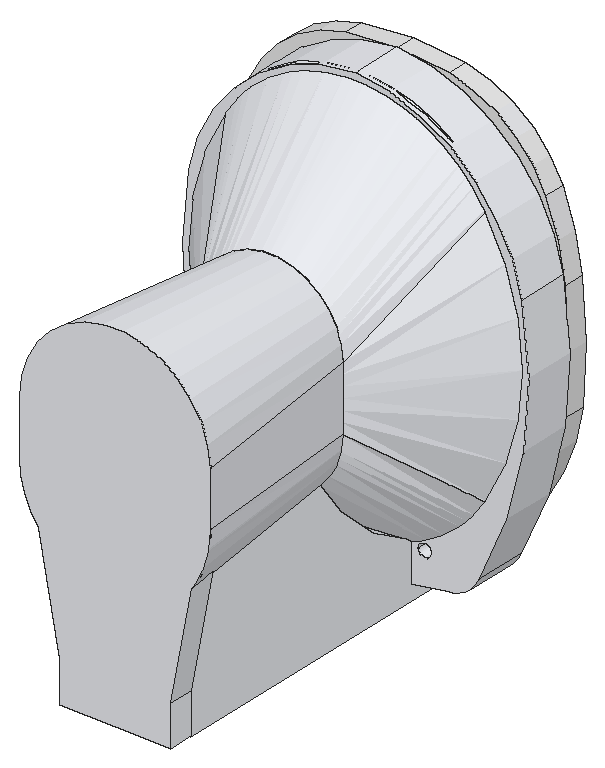
Revit family "Deca_Bacia Sanitária Convencional Aspen_P.75FFFF", category Plumbing Fixtures, host Face, Revit 2010
Parameters (values of type "P.75_Branco Gelo GE17")
  WFU = 0
  Vendido Separadamente = "Anel de vedação: (AV.90.01 ); Tubo de ligação com anel expansor: Cromado (1968.C), Branco (1968.E.BR), Bege (1968.E.BE), Dourado (1968.D). Parafuso de fixação: Cromado (SP.13.01) e Dourado (SP.130.03); Asento Compatível: Assento Plástico: Branco (AP.75.17); Caramelo (AP.75.23); Creme (AP.75.37); Azul (AP.75.51); Verde (AP.75.60); Cinza (AP.75.87); Ébano (AP.75.95). "  # constant formula
  Variações de COR = "Branco (P.75.17); Caramelo (P.75.23); Creme (P.75.37); Azul (P.75.51); Verde (P.75.60); Cinza (P.75.87); Ébano (P.75.95); Rosa (P.75.89)."  # constant formula
  URL = "www.deca.com.br/produtos"
  Segmento = "Competitivo"  # constant formula
  Raio Água Fria = 20 mm  # constant formula
  Raio Ponto de Esgoto = 50 mm  # constant formula
  Produto = "Bacia sanitária convencional Aspen"  # constant formula
  Pressão = "2 a 40 mca"  # constant formula
  Peso Liquido (Kg) = 14
  Norma = " ABNT NBR 15097-1: 2011 / ABNT NBR 15097-2: 2011"  # constant formula
  Model = Código  # "P.75.17"
  Material = "Deca_Vitreous China"  # constant formula
  Manufacturer = "Deca"  # constant formula
  Louça/Metais = "Louça"  # constant formula
  Linha = "Aspen"  # constant formula
  Informações Complementares = ""
  Flow Pressure = 0.00 psi
  Diâmetro Água Fria = Raio Água Fria * 2  # 40 mm
  Diâmetro Ponto de Esgoto = Raio Ponto de Esgoto * 2  # 100 mm
  Description = "Bacia sanitária convencional"  # constant formula
  Default Elevation = 0 mm
  Código = "P.75.17"
  Criado por = "Contino/quattroD"  # constant formula
  Consumo = "6 lpf"  # constant formula
  CWFU = 0
  Bacia = Deca GE17 Branco Gelo Cerâmica
  Atendimento ao Cliente = "0800-011-7073"  # constant formula
  Assento-Family [instance] = Deca_Shared_Assento_P.75 : AP.75_Branco Gelo GE17
  Assembly Code = "D2010110"
  Aprovado por = "Contino/quattroD"  # constant formula
  Acompanha o Produto = ""
Types (8, lengths in mm): name | Model | Código | Bacia | Assento-Family
  P.75_Branco Gelo GE17 | "P.75.17" | "P.75.17" | Deca GE17 Branco Gelo Cerâmica | Deca_Shared_Assento_P.75 : AP.75_Branco Gelo GE17
  P.75_Caramelo CA23 | "P.75.23" | "P.75.23" | Deca CA23 Caramelo Cerâmica | Deca_Shared_Assento_P.75 : AP.75_Caramelo CA23
  P.75_Creme CR37 | "P.75.37" | "P.75.37" | Deca CR37 Creme Cerâmica | Deca_Shared_Assento_P.75 : AP.75_Creme CR37
  P.75_Azul AZ.51 | "P.75.51" | "P.75.51" | Deca AZ51 Azul Cerâmica | Deca_Shared_Assento_P.75 : AP.75_Azul AZ51
  P.75_Verde Malva VD60 | "P.75.60" | "P.75.60" | Deca VD60 Verde Malva Cerâmica | Deca_Shared_Assento_P.75 : AP.75_Verde Malva VD60
  P.75_Cinza Real CZ87 | "P.75.87" | "P.75.87" | Deca CZ87 Cinza Real Cerâmica | Deca_Shared_Assento_P.75 : AP.75_Cinza Real CZ87
  P.75_Ébano EB95 | "P.75.95" | "P.75.95" | Deca EB95 Ébano Cerâmica | Deca_Shared_Assento_P.75 : AP.75_Ébano EB95
  P.75_Rosa RO89 | "P.75.89" | "P.75.89" | Deca RO89 Rosa Cerâmica | Deca_Shared_Assento_P.75 : AP.75_Rosa RO89
Reference planes
  plane 1 "Center (Front/Back)": y = 0
  plane 2: z = 0
  plane 3 "Center (Left/Right)": x = 0
  plane 4 "Top 2": y = 380
  plane 5 "Front 3": z = 585.312
  plane 6 "Front 1": z = 95
  plane 7 "Left 2": x = -187.322
  plane 8 "Right 2": x = 187.322
  plane 9 "Top 1": y = 330
  plane 10 "Front 2": z = 260
  plane 11: z = 460.96
Forms (mm)
  Extrusion 1, solid, material "Deca GE17 Branco Gelo Cerâmica" <- "Bacia", not visible
    sketch origin (0, 0, 122.514) x (1, 0, 0) y (0, 0, 1)
      loop
        circle (0, 137.486) r 50
    from 0 to -3.94
  Extrusion 2, solid, not visible
    sketch origin (0, 0, 0) x (1, 0, 0) y (0, 1, 0)
      loop
        circle (0, 330) r 19.05
    from 0 to -2.277
  Blend 3, solid, material "Deca GE17 Branco Gelo Cerâmica" <- "Bacia"
    base sketch origin (0, 0, 9.688) x (1, 0, 0) y (0, 0, 1)
      loop
        line (-102.9, 368.106) -> (-102.9, 309.398)
        arc (-102.9, 309.398) -> (1.437, 206.488) -> (102.9, 312.233) r 102.919
        line (102.9, 312.233) -> (102.9, 370.942)
        arc (102.9, 370.942) -> (-1.398, 471.016) -> (-102.9, 368.106) r 102.919
    top sketch origin (0, 0, 9.688) x (1, 0, 0) y (0, 0, 1)
      loop
        line (-78.166, 373.106) -> (-78.166, 303.148)
        arc (-78.166, 303.148) -> (0, 224.982) -> (78.166, 303.148) r 78.166
        line (78.166, 303.148) -> (78.166, 373.106)
        arc (78.166, 373.106) -> (0, 451.272) -> (-78.166, 373.106) r 78.166
    from 0 to -209.292
  Extrusion 4, solid, material "Deca GE17 Branco Gelo Cerâmica" <- "Bacia"
    sketch origin (0, 0, 9.355) x (0, 1, 0) y (0, 0, 1)
      loop
        line (26.549, 246.9) -> (26.549, 85.648) -> (380, 85.648) -> (380, 126.256)
        arc (380, 126.256) -> (273.266, 174.885) -> (194.258, 261.573) r 292.162
        line (194.258, 261.573) -> (26.549, 246.9)
    from -60.1 to 60.1
  Extrusion 5, solid, material "Deca GE17 Branco Gelo Cerâmica" <- "Bacia"
    sketch origin (0, 0, 9.688) x (1, 0, 0) y (0, 0, 1)
      loop
        line (-60.1, 130.066) -> (-60.1, 85.648) -> (0, 85.648) -> (60.1, 85.648) -> (60.1, 130.066) -> (95.498, 313.75) -> (-95.498, 313.75) -> (-60.1, 130.066)
    from 0 to -26.549
  Extrusion 6, solid, material "Deca GE17 Branco Gelo Cerâmica" <- "Bacia"
    sketch origin (0, 0, 9.688) x (1, 0, 0) y (0, 0, 1)
      loop
        arc (-135.723, 136.859) -> (-120.941, 116.647) -> (-97.286, 108.436) r 42.011
        arc (-97.286, 108.436) -> (0, 98.428) -> (97.286, 108.436) r 477.83
        arc (97.286, 108.436) -> (119.455, 115.598) -> (134.4, 133.47) r 42.011
        arc (134.4, 133.47) -> (181.609, 272.208) -> (179.737, 418.746) r 432.162
        arc (179.737, 418.746) -> (117.272, 528.772) -> (0, 576.257) r 192.498
        arc (0, 576.257) -> (-117.272, 528.772) -> (-179.737, 418.746) r 192.498
        arc (-179.737, 418.746) -> (-181.663, 274.066) -> (-135.723, 136.859) r 432.162
      loop
        spline (0, 527.292) -> (-33.204, 521.769) -> (-64.145, 505.574) -> (-90.715, 479.812) -> (-111.103, 446.239) -> (-123.919, 407.142) -> (-128.29, 365.186) -> (-123.919, 323.229) -> (-111.103, 284.132) -> (-90.715, 250.559) -> (-64.145, 224.797) -> (-33.204, 208.603) -> (0, 203.079)
        spline (0, 203.079) -> (33.631, 208.603) -> (64.971, 224.797) -> (91.882, 250.559) -> (112.532, 284.132) -> (125.513, 323.229) -> (129.941, 365.186) -> (125.513, 407.142) -> (112.532, 446.239) -> (91.882, 479.812) -> (64.971, 505.574) -> (33.631, 521.769) -> (0, 527.292)
      loop
        circle (75.141, 140.174) r 7.25
      loop
        circle (-74.859, 140.174) r 7.25
    from -380 to -324.096
  Blend 7, solid, material "Deca GE17 Branco Gelo Cerâmica" <- "Bacia"
    base sketch origin (0, 0, 0) x (1, 0, 0) y (0, 0, 1)
      loop
        line (-78.166, 382.794) -> (-78.166, 312.835)
        arc (-78.166, 312.835) -> (0, 234.669) -> (78.166, 312.835) r 78.166
        line (78.166, 312.835) -> (78.166, 382.794)
        arc (78.166, 382.794) -> (0, 460.96) -> (-78.166, 382.794) r 78.166
    top sketch origin (0, 0, 0) x (1, 0, 0) y (0, 0, 1)
      loop
        arc (142.904, 215.402) -> (185.168, 360.402) -> (142.904, 505.402) r 269.865
        arc (142.904, 505.402) -> (0, 584.668) -> (-142.904, 505.402) r 168.449
        arc (-142.904, 505.402) -> (-185.168, 360.402) -> (-142.904, 215.402) r 269.865
        arc (-142.904, 215.402) -> (0, 137.003) -> (142.904, 215.402) r 169.44
    from -209.292 to -330
Cuts and joins
  joined: Extrusion 4, Extrusion 6
  joined: Blend 3, Extrusion 5
Lines and regions (mm)
  Masking region 1
    outline origin (0, 698.125, 29.062) x (0, 1, 0) y (0, 0, 1)
      loop
        arc (-698.077, 70.695) -> (-696.824, 67.669) -> (-693.798, 66.416) r 4.279
        line (-693.798, 66.416) -> (-517.933, 78.713)
        arc (-517.933, 78.713) -> (-492.289, 85.126) -> (-469.862, 99.118) r 84.853
        line (-469.862, 99.118) -> (-409.257, 99.118)
        arc (-409.257, 99.118) -> (-406.927, 98.153) -> (-405.962, 95.824) r 3.294
        line (-405.962, 95.824) -> (-405.962, 89.602)
        arc (-405.962, 89.602) -> (-405.386, 88.211) -> (-403.994, 87.634) r 1.968
        line (-403.994, 87.634) -> (-340.026, 87.634)
        arc (-340.026, 87.634) -> (-338.284, 87.121) -> (-336.771, 86.117) r 6.081
        line (-336.771, 86.117) -> (-322.99, 86.117)
        arc (-322.99, 86.117) -> (-319.913, 87.088) -> (-318.131, 89.778) r 4.839
        line (-318.131, 89.778) -> (-318.131, 549.778)
        arc (-318.131, 549.778) -> (-320.768, 554.345) -> (-325.783, 555.975) r 7.358
        line (-325.783, 555.975) -> (-370.722, 553.62)
        arc (-370.722, 553.62) -> (-372.632, 552.828) -> (-373.423, 550.918) r 2.702
        arc (-373.423, 550.918) -> (-374.312, 546.579) -> (-376.752, 542.882) r 11.683
        arc (-376.752, 542.882) -> (-381.008, 540.256) -> (-385.364, 537.801) r 126.449
        arc (-385.364, 537.801) -> (-434.828, 499.473) -> (-473.155, 450.01) r 248.621
        arc (-473.155, 450.01) -> (-507.743, 422.743) -> (-551.383, 416.804) r 83.721
        line (-551.383, 416.804) -> (-693.555, 435.521)
        arc (-693.555, 435.521) -> (-696.714, 434.563) -> (-698.077, 431.555) r 4
        line (-698.077, 431.555) -> (-698.077, 426.099) -> (-698.077, 70.695)
  Masking region 2
    outline origin (0, 330, 0) x (-1, 0, 0) y (0, 0, 1)
      loop
        arc (-52.917, 98.745) -> (2.813, 95) -> (58.52, 99.073) r 399.03
        arc (58.52, 99.073) -> (73.126, 104.936) -> (83.406, 116.853) r 33.29
        line (83.406, 116.853) -> (93.793, 117.397)
        arc (93.793, 117.397) -> (108.488, 120.089) -> (121.651, 127.154) r 48.157
        arc (121.651, 127.154) -> (130.165, 135.495) -> (136.357, 145.68) r 47.923
        arc (136.357, 145.68) -> (138.14, 149.693) -> (139.895, 153.718) r 625.61
        arc (139.895, 153.718) -> (160.514, 205.925) -> (175.569, 260) r 536.733
        arc (175.569, 260) -> (182.492, 302.068) -> (184.66, 344.648) r 380.107
        arc (184.66, 344.648) -> (181.081, 422.921) -> (160.297, 498.47) r 352.452
        arc (160.297, 498.47) -> (118.464, 552.509) -> (56.014, 580.264) r 139.805
        arc (56.014, 580.264) -> (0, 585.073) -> (-56.014, 580.264) r 328.601
        arc (-56.014, 580.264) -> (-118.464, 552.509) -> (-160.297, 498.47) r 139.805
        arc (-160.297, 498.47) -> (-181.081, 422.921) -> (-184.66, 344.648) r 352.452
        arc (-184.66, 344.648) -> (-182.492, 302.068) -> (-175.569, 260) r 380.107
        arc (-175.569, 260) -> (-160.514, 205.925) -> (-139.895, 153.718) r 536.733
        arc (-139.895, 153.718) -> (-138.14, 149.693) -> (-136.357, 145.68) r 625.61
        arc (-136.357, 145.68) -> (-130.165, 135.495) -> (-121.651, 127.154) r 47.923
        arc (-121.651, 127.154) -> (-109.708, 120.534) -> (-96.386, 117.533) r 48.157
        line (-96.386, 117.533) -> (-83.437, 116.855)
        arc (-83.437, 116.855) -> (-70.792, 103.394) -> (-52.917, 98.745) r 33.29
  Masking region 3
    outline origin (0, 0, 95) x (-1, 0, 0) y (0, -1, 0)
      loop
        arc (180.403, -379.992) -> (185.341, -377.947) -> (187.386, -373.009) r 6.983
        line (187.386, -373.009) -> (185.031, -328.07)
        arc (185.031, -328.07) -> (183.972, -325.512) -> (181.413, -324.453) r 3.618
        arc (181.413, -324.453) -> (176.58, -323.248) -> (172.878, -319.915) r 10.295
        arc (172.878, -319.915) -> (141.079, -276.274) -> (103.623, -237.38) r 394.897
        arc (103.623, -237.38) -> (76.181, -193.327) -> (76.109, -141.427) r 94.606
        line (76.109, -141.427) -> (94.189, -4.349)
        arc (94.189, -4.349) -> (93.186, -1.212) -> (90.126, 0.008) r 3.86
        line (90.126, 0.008) -> (0.126, 0.008) -> (-90.783, 0.008)
        arc (-90.783, 0.008) -> (-93.843, -1.212) -> (-94.847, -4.349) r 3.86
        line (-94.847, -4.349) -> (-76.766, -141.427)
        arc (-76.766, -141.427) -> (-76.839, -193.327) -> (-104.28, -237.38) r 94.606
        arc (-104.28, -237.38) -> (-142.565, -277.266) -> (-174.904, -322.108) r 394.897
        arc (-174.904, -322.108) -> (-177.971, -323.849) -> (-181.446, -324.453) r 10.295
        arc (-181.446, -324.453) -> (-184.004, -325.512) -> (-185.063, -328.07) r 3.618
        line (-185.063, -328.07) -> (-187.418, -373.009)
        arc (-187.418, -373.009) -> (-185.373, -377.947) -> (-180.435, -379.992) r 6.983
        line (-180.435, -379.992) -> (-0.329, -379.992) -> (180.403, -379.992)
  symbolic lines
    curve 1: arc (0, 372.342, 585.037) -> (0, 371.402, 563.209) -> (0, 370.95, 541.365) r 978.39
    curve 2: line (0, 370.95, 541.365) -> (0, 370.95, 300.179)
    curve 3: line (0, 370.95, 300.179) -> (0, 367.088, 300.179)
    curve 4: arc (0, 367.088, 300.179) -> (0, 364.251, 286.49) -> (0, 363.205, 272.549) r 108.118
    curve 5: arc (0, 363.205, 272.549) -> (0, 361.708, 195.546) -> (0, 358.793, 118.584) r 4181.968
    curve 6: arc (0, 358.793, 118.584) -> (0, 359.41, 117.094) -> (0, 360.9, 116.477) r 2.107
    curve 7: line (0, 360.9, 116.477) -> (0, 359.085, 116.477)
    curve 8: line (0, 367.088, 300.179) -> (0, 362.791, 115.179)
    curve 9: line (0, 324.702, 579.98) -> (0, 324.702, 304.98)
    curve 10: arc (0, 171.476, 304.037) -> (0, 231.251, 255.986) -> (0, 287.555, 203.912) r 1107.005
    curve 11: arc (0, 287.555, 203.912) -> (0, 292.077, 196.423) -> (0, 292.516, 187.685) r 17.925
    curve 12: line (0, 292.516, 187.685) -> (0, 290.79, 154.741)
    curve 13: line (0, 290.79, 154.741) -> (0, 250.416, 154.741)
    curve 14: arc (0, 250.416, 154.741) -> (0, 254.508, 201.888) -> (0, 231.593, 243.295) r 81.113
    curve 15: line (0, 231.593, 243.295) -> (0, 152.296, 312.227)
    curve 16: arc (0, 171.476, 304.037) -> (0, 162.378, 309.282) -> (0, 152.296, 312.227) r 44.073
    curve 17: arc (0, 181.637, 191.886) -> (0, 183.209, 181.926) -> (0, 173.798, 178.308) r 8.016
    curve 18: arc (0, 173.798, 178.308) -> (0, 164.138, 178.765) -> (0, 154.904, 181.639) r 38.116
    curve 19: arc (0, 154.904, 181.639) -> (0, 113.424, 211.451) -> (0, 75.64, 245.826) r 444.312
    curve 20: arc (0, 75.64, 245.826) -> (0, 55.553, 277.632) -> (0, 44.1, 313.464) r 148.557
    curve 21: arc (0, 44.1, 313.464) -> (0, 43.627, 314.607) -> (0, 42.484, 315.08) r 1.616
    curve 22: arc (0, 42.484, 315.08) -> (0, 36.405, 316.035) -> (0, 30.252, 316.15) r 44.903
    curve 23: arc (0, 30.252, 316.15) -> (0, 28, 314.795) -> (0, 26.972, 312.377) r 4.262
    curve 24: arc (0, 181.637, 191.886) -> (0, 136.766, 228.486) -> (0, 94.527, 268.093) r 839
    curve 25: arc (0, 94.527, 268.093) -> (0, 87.809, 275.34) -> (0, 81.622, 283.045) r 139.237
    curve 26: arc (0, 81.622, 283.045) -> (0, 72.4, 299.613) -> (0, 67.861, 318.024) r 71.428
    curve 27: line (0, 26.325, 194.532) -> (0, 26.325, 126.218)
    curve 28: line (0, 56.697, 102.998) -> (0, 41.88, 103.775)
    curve 29: arc (0, 41.88, 103.775) -> (0, 34.748, 106.409) -> (0, 30.365, 112.622) r 12.807
    curve 30: arc (0, 30.365, 112.622) -> (0, 27.71, 119.231) -> (0, 26.325, 126.218) r 38.268
    curve 31: arc (0, 26.325, 194.532) -> (0, 25.59, 195.55) -> (0, 25.283, 196.766) r 3.335
    curve 32: line (0, 25.283, 196.766) -> (0, 25.283, 330.075)
    curve 33: arc (-24.509, 0, 114.026) -> (-0.005, 0, 107.384) -> (24.499, 0, 114.025) r 48.521
    curve 34: line (-178.49, 324.029, 0) -> (179.407, 324.029, 0)
    curve 35: arc (-40.868, 145.397, 0) -> (-3.368, 142.849, 0) -> (34.132, 145.397, 0) r 277.27
    curve 36: arc (83.49, 0, 116.958) -> (0.015, 0, 113.749) -> (-83.46, 0, 116.958) r 1087.311
Dimensions and locks
  plane 4 "Top 2" to plane 1 "Center (Front/Back)" = 380 mm
  plane 5 "Front 3" to plane 2 = 585.313 mm
  plane 1 "Center (Front/Back)" to plane 4 "Top 2" = 380 mm
  plane 5 "Front 3" to plane 6 "Front 1" to host face = 490.313 mm, 95 mm  (x2)
  plane 5 "Front 3" to host face = 585.312 mm
  plane 7 "Left 2" to plane 8 "Right 2" = 374.644 mm  (x2)
  aligned and locked: host face to plane 2
  aligned and locked: level to host face
Nested families
  nested 1: "Deca_Shared_Assento_P.75" at (0.156, 380, 148.309), type <- "Assento-Family", type "AP.75_Branco Gelo GE17"
Connectors
  piping at (0, 0, 260), driven by "Raio Ponto de Esgoto", driven by "WFU"
    settings: on Extrusion 1, index 1, connector radius 1.9685", flow factor 0, pipe flow 0 GPM, pressure drop 0.00 psi, fitting loss kfactor 0, connector angle 0.00°, fixture units 0, engagement length 0 mm, flow configuration 3, flow direction 2, fitting loss method 0, system type 16, joint type 0, gender type 0, connector reference index -1, connector utility 0, adjustable connector no, is connector primary yes, fitting loss table "", connector description ""
  piping at (0, 330, 0), driven by "Raio Água Fria", driven by "Flow Pressure", driven by "CWFU"
    settings: on Extrusion 2, index 2, connector radius 0.7874", flow factor 0, pipe flow 0 GPM, pressure drop 0.00 psi, fitting loss kfactor 0, connector angle 0.00°, fixture units 0, engagement length 0 mm, flow configuration 3, flow direction 1, fitting loss method 4, system type 20, joint type 0, gender type 0, connector reference index -1, connector utility 0, adjustable connector no, is connector primary no, fitting loss table "", connector description ""
Definition of nested family "Deca_Shared_Assento_P.75"
  Parameters (values of type "AP.75_Branco Gelo GE17")
    Não Assento = no
    Criado por = "Contino/quattroD"  # constant formula
    Assento 3D = yes
    Aprovado por = "Contino/quattroD"  # constant formula
    Acompanha o Produto = ""
    AP.75 = yes
    Vendido Separadamente = ""
    Variações de COR = "Branco (AP.75.17), Caramelo (AP.75.23), Creme (AP.75.37), Azul (AP.75.51), Verde (AP.75.60), Cinza (AP.75.87), Ébano (AP.75.95), Rosa (AP.75.89."
    URL = "www.deca.com.br/produtos"
    Segmento = "Competitivo"
    Produto = "Assento Plástico para Bacia Aspen com Microban"
    Peso Liquido (Kg) = 1.12
    Norma = "Não se Aplica"
    Model = "AP.75.17"
    Material = "Deca_Polipropileno"
    Manufacturer = "Deca"
    Louça/Metais = "Louça"
    Linha = "Aspen"
    Informações Complementares = ""
    Description = "Assento Plástico para Bacia Aspen com Microban"
    Código = "AP.75.17"
    Atendimento ao Cliente = "0800-0117073"
    Assento = Deca GE17 Branco Gelo Plástico
    Assembly Code = "D2010110"
  Types (9, lengths in mm): name | Não Assento | Assento 3D | AP.75 | Variações de COR | URL | Segmento | Produto | Peso Liquido (Kg) | Norma | Model | Material | Manufacturer | Louça/Metais | Linha | Description | Código | Atendimento ao Cliente | Assento | Assembly Code
    AP.75_Branco Gelo GE17 | no | yes | yes | "Branco (AP.75.17), Caramelo (AP.75.23), Creme (AP.75.37), Azul (AP.75.51), Verde (AP.75.60), Cinza (AP.75.87), Ébano (AP.75.95), Rosa (AP.75.89." | "www.deca.com.br/produtos" | "Competitivo" | "Assento Plástico para Bacia Aspen com Microban" | 1.12 | "Não se Aplica" | "AP.75.17" | "Deca_Polipropileno" | "Deca" | "Louça" | "Aspen" | "Assento Plástico para Bacia Aspen com Microban" | "AP.75.17" | "0800-0117073" | Deca GE17 Branco Gelo Plástico | "D2010110"
    AP.75_Caramelo CA23 | no | yes | yes | "Branco (AP.75.17), Caramelo (AP.75.23), Creme (AP.75.37), Azul (AP.75.51), Verde (AP.75.60), Cinza (AP.75.87), Ébano (AP.75.95), Rosa (AP.75.89." | "www.deca.com.br/produtos" | "Competitivo" | "Assento Plástico para Bacia Aspen com Microban" | 1.12 | "Não se Aplica" | "AP.75.23" | "Deca_Polipropileno" | "Deca" | "Louça" | "Aspen" | "Assento Plástico para Bacia Aspen com Microban" | "AP.75.23" | "0800-0117073" | Deca CA23 Caramelo Plástico | "D2010110"
    AP.75_Creme CR37 | no | yes | yes | "Branco (AP.75.17), Caramelo (AP.75.23), Creme (AP.75.37), Azul (AP.75.51), Verde (AP.75.60), Cinza (AP.75.87), Ébano (AP.75.95), Rosa (AP.75.89." | "www.deca.com.br/produtos" | "Competitivo" | "Assento Plástico para Bacia Aspen com Microban" | 1.12 | "Não se Aplica" | "AP.75.37" | "Deca_Polipropileno" | "Deca" | "Louça" | "Aspen" | "Assento Plástico para Bacia Aspen com Microban" | "AP.75.37" | "0800-0117073" | Deca CR37 Creme Plástico | "D2010110"
    AP.75_Azul AZ51 | no | yes | yes | "Branco (AP.75.17), Caramelo (AP.75.23), Creme (AP.75.37), Azul (AP.75.51), Verde (AP.75.60), Cinza (AP.75.87), Ébano (AP.75.95), Rosa (AP.75.89." | "www.deca.com.br/produtos" | "Competitivo" | "Assento Plástico para Bacia Aspen com Microban" | 1.12 | "Não se Aplica" | "AP.75" | "Deca_Polipropileno" | "Deca" | "Louça" | "Aspen" | "Assento Plástico para Bacia Aspen com Microban" | "AP.75.51" | "0800-0117073" | Deca AZ51 Azul Plástico | "D2010110"
    AP.75_Verde Malva VD60 | no | yes | yes | "Branco (AP.75.17), Caramelo (AP.75.23), Creme (AP.75.37), Azul (AP.75.51), Verde (AP.75.60), Cinza (AP.75.87), Ébano (AP.75.95), Rosa (AP.75.89." | "www.deca.com.br/produtos" | "Competitivo" | "Assento Plástico para Bacia Aspen com Microban" | 1.12 | "Não se Aplica" | "AP.75.60" | "Deca_Polipropileno" | "Deca" | "Louça" | "Aspen" | "Assento Plástico para Bacia Aspen com Microban" | "AP.75.60" | "0800-0117073" | Deca VD60 Verde Malva Plástico | "D2010110"
    AP.75_Ébano EB95 | no | yes | yes | "Branco (AP.75.17), Caramelo (AP.75.23), Creme (AP.75.37), Azul (AP.75.51), Verde (AP.75.60), Cinza (AP.75.87), Ébano (AP.75.95), Rosa (AP.75.89." | "www.deca.com.br/produtos" | "Competitivo" | "Assento Plástico para Bacia Aspen com Microban" | 1.12 | "Não se Aplica" | "AP.75.95" | "Deca_Polipropileno" | "Deca" | "Louça" | "Aspen" | "Assento Plástico para Bacia Aspen com Microban" | "AP.75.95" | "0800-0117073" | Deca EB95 Ébano Plástico | "D2010110"
    AP.75_Rosa RO89 | no | yes | yes | "Branco (AP.75.17), Caramelo (AP.75.23), Creme (AP.75.37), Azul (AP.75.51), Verde (AP.75.60), Cinza (AP.75.87), Ébano (AP.75.95), Rosa (AP.75.89." | "www.deca.com.br/produtos" | "Competitivo" | "Assento Plástico para Bacia Aspen com Microban" | 1.12 | "Não se Aplica" | "AP.75.89" | "Deca_Polipropileno" | "Deca" | "Louça" | "Aspen" | "Assento Plástico para Bacia Aspen com Microban" | "AP.75.89" | "0800-0117073" | Deca RO89 Rosa Plástico | "D2010110"
    Não Assento | yes | no | no | "" | "" | "" | "" | 0 | "" | "" | "" | "" | "" | "" | "" | "" | "" | Deca GE17 Branco Gelo Plástico | ""
    AP.75_Cinza Real CZ87 | no | yes | yes | "Branco (AP.75.17), Caramelo (AP.75.23), Creme (AP.75.37), Azul (AP.75.51), Verde (AP.75.60), Cinza (AP.75.87), Ébano (AP.75.95), Rosa (AP.75.89." | "www.deca.com.br/produtos" | "Competitivo" | "Assento Plástico para Bacia Aspen com Microban" | 1.12 | "Não se Aplica" | "AP.75.87" | "Deca_Polipropileno" | "Deca" | "Louça" | "Aspen" | "Assento Plástico para Bacia Aspen com Microban" | "AP.75.87" | "0800-0117073" | Deca CZ87 Cinza Real Plástico | "D2010110"
  Reference planes
    plane 1 "Center (Front/Back)": y = 0
    plane 2: z = 0
    plane 3 "Center (Left/Right)": x = 0
  Forms (mm)
    Extrusion 1, solid, material "Deca GE17 Branco Gelo Plástico" <- "Assento", visible <- "Assento 3D"
      sketch origin (0, 0, 0) x (1, 0, 0) y (0, 0, 1)
        loop
          arc (0, 436.985) -> (-28.23, 435.561) -> (-56.253, 431.861) r 349.806
          arc (-56.253, 431.861) -> (-118.628, 404.09) -> (-160.412, 350.09) r 139.805
          arc (-160.412, 350.09) -> (-174.182, 310.733) -> (-181.892, 269.755) r 277.171
          arc (-181.892, 269.755) -> (-185.468, 206.276) -> (-182.124, 142.783) r 584.258
          arc (-182.124, 142.783) -> (-162.46, 73.809) -> (-120.903, 15.352) r 211.806
          arc (-120.903, 15.352) -> (-104.525, 2.57) -> (-85.579, -5.955) r 86.806
          line (-85.579, -5.955) -> (85.579, -5.955)
          arc (85.579, -5.955) -> (104.525, 2.57) -> (120.903, 15.352) r 86.806
          arc (120.903, 15.352) -> (162.46, 73.809) -> (182.124, 142.783) r 211.806
          arc (182.124, 142.783) -> (185.468, 206.276) -> (181.892, 269.755) r 584.258
          arc (181.892, 269.755) -> (174.182, 310.733) -> (160.412, 350.09) r 277.171
          arc (160.412, 350.09) -> (118.628, 404.09) -> (56.253, 431.861) r 139.805
          arc (56.253, 431.861) -> (28.23, 435.561) -> (0, 436.985) r 349.806
      from -0.917 to -22.92
  Lines and regions (mm)
    Masking region 1, visible <- "AP.75"
      outline origin (0, 50.187, 0) x (1, 0, 0) y (0, 0, 1)
        loop
          arc (-182.124, 142.783) -> (-162.46, 73.809) -> (-120.903, 15.352) r 211.806
          arc (-120.903, 15.352) -> (-106.43, 3.753) -> (-89.823, -4.507) r 86.806
          arc (-89.823, -4.507) -> (-88.34, -4.9) -> (-86.847, -5.249) r 53.43
          arc (-86.847, -5.249) -> (-75.894, -12.5) -> (-64.506, -5.955) r 12.5
          line (-64.506, -5.955) -> (64.506, -5.955)
          arc (64.506, -5.955) -> (75.894, -12.5) -> (86.847, -5.249) r 12.5
          arc (86.847, -5.249) -> (88.34, -4.9) -> (89.823, -4.507) r 53.43
          arc (89.823, -4.507) -> (106.43, 3.753) -> (120.903, 15.353) r 86.806
          arc (120.903, 15.353) -> (162.46, 73.809) -> (182.124, 142.783) r 211.806
          arc (182.124, 142.783) -> (185.468, 206.276) -> (181.892, 269.755) r 584.258
          arc (181.892, 269.755) -> (174.182, 310.733) -> (160.412, 350.09) r 277.171
          arc (160.412, 350.09) -> (118.628, 404.09) -> (56.253, 431.861) r 139.805
          arc (56.253, 431.861) -> (28.23, 435.561) -> (0, 436.985) r 349.806
          arc (0, 436.985) -> (-28.23, 435.561) -> (-56.253, 431.861) r 349.806
          arc (-56.253, 431.861) -> (-118.628, 404.09) -> (-160.412, 350.09) r 139.805
          arc (-160.412, 350.09) -> (-174.182, 310.733) -> (-181.892, 269.755) r 277.171
          arc (-181.892, 269.755) -> (-185.468, 206.276) -> (-182.124, 142.783) r 584.258
    Masking region 2, visible <- "AP.75"
      outline origin (185.468, 0, 0) x (0, 0, -1) y (0, -1, 0)
        loop
          line (12.5, 0) -> (-12.5, 0) -> (-12.5, -0.917) -> (-437.006, -0.917) -> (-436.598, -7.575)
          arc (-436.598, -7.575) -> (-434.081, -14.982) -> (-428.176, -20.114) r 15.001
          arc (-428.176, -20.114) -> (-415.577, -22.852) -> (-402.699, -23.472) r 77.783
          arc (-402.699, -23.472) -> (-413.962, -24.067) -> (-425.195, -25.064) r 315.341
          arc (-425.195, -25.064) -> (-423.778, -30.133) -> (-419.231, -32.782) r 7
          arc (-419.231, -32.782) -> (-213.52, -49.546) -> (-7.295, -41.257) r 1700
          arc (-7.295, -41.257) -> (-2.807, -38.987) -> (-1, -34.293) r 7
          line (-1, -34.293) -> (-1, -31.537)
          arc (-1, -31.537) -> (0.463, -28.178) -> (1.763, -24.752) r 76.149
          arc (1.763, -24.752) -> (4.602, -20.697) -> (5.967, -15.939) r 15.001
          line (5.967, -15.939) -> (5.589, -7.809) -> (5.113, -4.384)
          arc (5.113, -4.384) -> (8.967, -3.044) -> (12.5, -1) r 21.531
          line (12.5, -1) -> (12.5, 0)
    Masking region 3, visible <- "AP.75"
      outline origin (0, 0, 437.006) x (0, -1, 0) y (1, 0, 0)
        loop
          line (-0.9, -185.506) -> (-0.9, 185.506) -> (-11.232, 184.787)
          arc (-11.232, 184.787) -> (-18.725, 182.204) -> (-23.856, 176.163) r 15
          line (-23.856, 176.163) -> (-29.292, 176.163)
          arc (-29.292, 176.163) -> (-34.161, 174.275) -> (-36.484, 169.598) r 7.222
          arc (-36.484, 169.598) -> (-43.305, 114.917) -> (-48.115, 60.023) r 1500.329
          arc (-48.115, 60.023) -> (-50.187, 0) -> (-48.115, -60.023) r 870.329
          arc (-48.115, -60.023) -> (-43.305, -114.917) -> (-36.484, -169.598) r 1500.329
          arc (-36.484, -169.598) -> (-34.161, -174.275) -> (-29.292, -176.163) r 7.222
          line (-29.292, -176.163) -> (-23.856, -176.163)
          arc (-23.856, -176.163) -> (-18.725, -182.204) -> (-11.232, -184.787) r 15
          line (-11.232, -184.787) -> (-0.9, -185.506)
    symbolic lines, visible <- "AP.75"
      curve 1: arc (0, 50.187, 425.234) -> (-27.579, 50.187, 423.869) -> (-54.957, 50.187, 420.271) r 340
      curve 2: arc (-54.957, 50.187, 420.271) -> (-81.731, 50.187, 412.612) -> (-106.259, 50.187, 399.427) r 130
      curve 3: arc (-106.259, 50.187, 399.427) -> (-125.805, 50.187, 383) -> (-141.763, 50.187, 363.07) r 130
      curve 4: arc (-172.894, 50.187, 142.059) -> (-154.158, 50.187, 76.184) -> (-114.489, 50.187, 20.355) r 202
      curve 5: arc (-172.646, 50.187, 266.724) -> (-176.162, 50.187, 204.399) -> (-172.894, 50.187, 142.059) r 574.453
      curve 6: line (-81.624, 50.187, 0.994) -> (81.624, 50.187, 0.994)
      curve 7: arc (-114.489, 50.187, 20.355) -> (-99.274, 50.187, 8.607) -> (-81.624, 50.187, 0.994) r 77
      curve 8: arc (-146.652, 50.187, 355.555) -> (-163.523, 50.187, 312.273) -> (-172.646, 50.187, 266.724) r 267.358
      curve 9: line (-146.652, 50.187, 355.555) -> (-141.763, 50.187, 363.07)
      curve 10: arc (0, 50.187, 425.234) -> (27.579, 50.187, 423.869) -> (54.957, 50.187, 420.271) r 340
      curve 11: arc (54.957, 50.187, 420.271) -> (81.731, 50.187, 412.612) -> (106.259, 50.187, 399.427) r 130
      curve 12: arc (106.259, 50.187, 399.427) -> (125.805, 50.187, 383) -> (141.763, 50.187, 363.07) r 130
      curve 13: arc (172.894, 50.187, 142.059) -> (154.158, 50.187, 76.184) -> (114.489, 50.187, 20.355) r 202
      curve 14: arc (172.646, 50.187, 266.724) -> (176.162, 50.187, 204.399) -> (172.894, 50.187, 142.059) r 574.453
      curve 15: arc (114.489, 50.187, 20.355) -> (99.274, 50.187, 8.607) -> (81.624, 50.187, 0.994) r 77
      curve 16: arc (146.652, 50.187, 355.555) -> (163.523, 50.187, 312.273) -> (172.646, 50.187, 266.724) r 267.358
      curve 17: line (146.652, 50.187, 355.555) -> (141.763, 50.187, 363.07)
      curve 18: line (-60.5, 50.187, -5.955) -> (-60.5, 50.187, 0.994)
      curve 19: line (-50.5, 50.187, -5.955) -> (-50.5, 50.187, 0.994)
      curve 20: line (-86.847, 50.187, -5.249) -> (-64.506, 50.187, -5.955)
      curve 21: line (86.847, 50.187, -5.249) -> (64.506, 50.187, -5.955)
      curve 22: line (60.5, 50.187, -5.955) -> (60.5, 50.187, 0.994)
      curve 23: line (50.5, 50.187, -5.955) -> (50.5, 50.187, 0.994)
      curve 24: arc (185.468, 24.851, 142.065) -> (185.468, 24.022, 218.957) -> (185.468, 23.373, 295.85) r 32751.618
      curve 25: arc (185.468, 27.894, 1) -> (185.468, 25.828, 71.521) -> (185.468, 24.851, 142.065) r 4565.043
      curve 26: arc (185.468, 23.373, 295.85) -> (185.468, 23.194, 350.167) -> (185.468, 23.446, 404.483) r 6841.291
      curve 27: line (185.468, 0.917, 12.5) -> (185.468, 0.917, -12.615)
      curve 28: line (185.468, 4.384, -5.113) -> (185.468, 0.917, -4.625)
      curve 29: line (185.468, 31.537, 1) -> (185.468, 27.894, 1)
      curve 30: line (185.468, 24.752, -1.763) -> (185.468, 27.894, 1)
      curve 31: line (-58.898, 31.847, 437.006) -> (-60.023, 48.115, 437.006)
      curve 32: line (60.023, 48.115, 437.006) -> (58.898, 31.847, 437.006)
      curve 33: line (-54.957, 24.384, 437.006) -> (0, 25.293, 437.006)
      curve 34: line (0, 25.293, 437.006) -> (54.957, 24.384, 437.006)
      curve 35: arc (59.179, 31.828, 437.006) -> (29.596, 32.774, 437.006) -> (0, 33.062, 437.006) r 1332.777
      curve 36: arc (0, 33.062, 437.006) -> (-29.596, 32.774, 437.006) -> (-59.179, 31.828, 437.006) r 1332.777
      curve 37: arc (-170.589, 36.323, 437.006) -> (-161.503, 33.407, 437.006) -> (-152.032, 32.248, 437.006) r 50.606
      curve 38: arc (-152.032, 32.248, 437.006) -> (-105.472, 30.35, 437.006) -> (-58.898, 31.847, 437.006) r 639.633
      curve 39: arc (-176.163, 23.856, 437.006) -> (-115.558, 23.75, 437.006) -> (-54.957, 24.384, 437.006) r 4969.852
      curve 40: arc (170.589, 36.323, 437.006) -> (161.503, 33.407, 437.006) -> (152.032, 32.248, 437.006) r 50.606
      curve 41: arc (152.032, 32.248, 437.006) -> (105.472, 30.35, 437.006) -> (58.898, 31.847, 437.006) r 639.633
      curve 42: arc (176.163, 23.856, 437.006) -> (115.558, 23.75, 437.006) -> (54.957, 24.384, 437.006) r 4969.852
      curve 67: arc (0, 50.187, 425.234) -> (27.579, 50.187, 423.869) -> (54.957, 50.187, 420.271) r 340
      curve 68: arc (54.957, 50.187, 420.271) -> (81.731, 50.187, 412.612) -> (106.259, 50.187, 399.427) r 130
      curve 69: arc (106.259, 50.187, 399.427) -> (125.805, 50.187, 383) -> (141.763, 50.187, 363.07) r 130
      curve 70: line (146.652, 50.187, 355.555) -> (141.763, 50.187, 363.07)
      curve 71: arc (0, 50.187, 425.234) -> (-27.579, 50.187, 423.869) -> (-54.957, 50.187, 420.271) r 340
    symbolic lines, visible <- "Não Assento"
      curve 43: arc (-67.003, 50.187, 0) -> (-74.253, 50.187, -7.25) -> (-81.503, 50.187, 0) r 7.25
      curve 44: arc (-81.503, 50.187, 0) -> (-74.253, 50.187, 7.25) -> (-67.003, 50.187, 0) r 7.25
      curve 45: arc (68.497, 50.187, 0) -> (75.747, 50.187, 7.25) -> (82.997, 50.187, 0) r 7.25
      curve 46: arc (82.997, 50.187, 0) -> (75.747, 50.187, -7.25) -> (68.497, 50.187, 0) r 7.25
      curve 47: arc (-38.426, 0, 264.501) -> (-0.114, 0, 266.746) -> (38.198, 0, 264.512) r 328.88
      curve 48: arc (-38.426, 0, 264.501) -> (-53.004, 0, 258.96) -> (-61.598, 0, 245.947) r 25.408
      curve 49: arc (-61.598, 0, 245.947) -> (-63.523, 0, 229.601) -> (-63.892, 0, 213.147) r 173.622
      curve 50: arc (-40.3, 0, 186.459) -> (-56.958, 0, 195.505) -> (-63.892, 0, 213.147) r 27.683
      curve 51: arc (-40.3, 0, 186.459) -> (-28.787, 0, 183.417) -> (-17.295, 0, 180.295) r 1702.497
      curve 52: arc (-17.295, 0, 180.295) -> (-8.724, 0, 178.437) -> (0, 0, 177.537) r 79.286
      curve 53: arc (38.198, 0, 264.512) -> (52.914, 0, 259.031) -> (61.598, 0, 245.947) r 25.408
      curve 54: arc (61.598, 0, 245.947) -> (63.523, 0, 229.601) -> (63.892, 0, 213.147) r 173.622
      curve 55: arc (40.3, 0, 186.459) -> (56.958, 0, 195.505) -> (63.892, 0, 213.147) r 27.683
      curve 56: arc (40.3, 0, 186.459) -> (28.787, 0, 183.417) -> (17.295, 0, 180.295) r 1702.497
      curve 57: arc (17.295, 0, 180.295) -> (8.724, 0, 178.437) -> (0, 0, 177.537) r 79.286
      curve 58: arc (-81.919, 0, 364.55) -> (-2.803, 0, 395.525) -> (77.559, 0, 367.945) r 123.253
      curve 59: arc (-81.919, 0, 364.55) -> (-130.336, 0, 303.682) -> (-147.973, 0, 227.932) r 176.928
      curve 60: line (-147.973, 0, 227.932) -> (-147.973, 0, 202.932)
      curve 61: arc (-147.973, 0, 202.932) -> (-147.1, 0, 184.517) -> (-144.491, 0, 166.267) r 194.748
      curve 62: arc (-144.491, 0, 166.267) -> (-133.558, 0, 124.217) -> (-110.904, 0, 87.142) r 148.25
      curve 63: arc (-110.904, 0, 87.142) -> (-61.217, 0, 48.981) -> (0, 0, 35.654) r 143.353
      curve 64: arc (0, 0, 385.414) -> (-37.487, 0, 378.675) -> (-70.535, 0, 359.741) r 111.788
      curve 65: arc (-70.535, 0, 359.741) -> (-108.587, 0, 316.003) -> (-127.439, 0, 261.181) r 151.603
      curve 66: arc (-127.439, 0, 261.181) -> (-129.327, 0, 206.494) -> (-119.847, 0, 152.603) r 262.742
      curve 72: arc (77.559, 0, 367.945) -> (129.114, 0, 306.16) -> (147.973, 0, 227.932) r 176.928
      curve 73: line (147.973, 0, 227.932) -> (147.973, 0, 202.932)
      curve 74: arc (147.973, 0, 202.932) -> (147.1, 0, 184.517) -> (144.491, 0, 166.267) r 194.748
      curve 75: arc (144.491, 0, 166.267) -> (133.558, 0, 124.217) -> (110.904, 0, 87.142) r 148.25
      curve 76: arc (110.904, 0, 87.142) -> (61.217, 0, 48.981) -> (0, 0, 35.654) r 143.353
      curve 77: arc (0, 0, 385.414) -> (37.487, 0, 378.675) -> (70.535, 0, 359.741) r 111.788
      curve 78: arc (70.535, 0, 359.741) -> (108.587, 0, 316.003) -> (127.439, 0, 261.181) r 151.603
      curve 79: arc (127.439, 0, 261.181) -> (129.327, 0, 206.494) -> (119.847, 0, 152.603) r 262.742
      curve 80: arc (119.847, 0, 152.603) -> (75.031, 0, 87.569) -> (0, 0, 62.909) r 123.698
      curve 81: arc (-119.847, 0, 152.603) -> (-75.031, 0, 87.569) -> (0, 0, 62.909) r 123.698
      curve 82: arc (-123.377, 0, -18.767) -> (-155.348, 0, 56.473) -> (-176.477, 0, 135.447) r 582.846
      curve 83: arc (-176.477, 0, 135.447) -> (-183.452, 0, 192.426) -> (-182.472, 0, 249.822) r 413.686
      curve 84: arc (-182.472, 0, 249.822) -> (-167.762, 0, 309.814) -> (-135.563, 0, 362.527) r 201.418
      curve 85: arc (-135.563, 0, 362.527) -> (-75.851, 0, 413.32) -> (-0.051, 0, 433.317) r 176.873
      curve 86: arc (169.764, 0, 106.794) -> (182.32, 0, 177.757) -> (182.37, 0, 249.822) r 413.686
      curve 87: arc (182.37, 0, 249.822) -> (167.66, 0, 309.814) -> (135.461, 0, 362.527) r 201.418
      curve 88: arc (135.461, 0, 362.527) -> (75.749, 0, 413.32) -> (-0.051, 0, 433.317) r 176.873
      curve 89: arc (122.963, 0, -18.767) -> (149.984, 0, 42.664) -> (169.764, 0, 106.794) r 582.846
